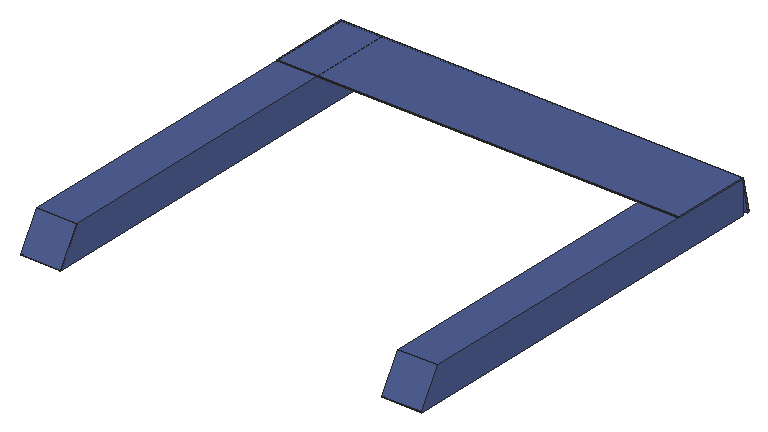
Revit family "SC442", category Generic Models, Revit 2023
Family settings
  Can host rebar = No
  Round Connector Dimension = Use Diameter
  Part Type = Normal
  OmniClass Number = 23.50.70.11
  OmniClass Title = Dock Bumpers/Seals
  Work Plane-Based = Yes
  Always vertical = No
  Cut with Voids When Loaded = No
  Maintain Annotation Orientation = No
  Shared = No
  Room Calculation Point = No
Parameters
  offset [instance] = 0' - 10 3/4"
  Warranty Duration (Years) = 0
  Vertical Strip [instance] = no
  Unit Width [instance] = Clear Width + (Pad Face Width_Vertical * 2)  # 10' - 0"
  Unit Height [instance] = Clear Height + Drop  # 10' - 0"
  Unit Depth_Base [instance] = 0' - 10"
  Unit Depth = 0' - 10"
  URL = ""
  Taper Distance_Plan [instance] = 0' - 0"
  Strip Length [instance] = if(Full Height Strip, Clear Height - 0' 6", 2' 0")  # 2' - 0"
  Specification = ""
  SpecWizard = ""
  Send Message = ""
  Sales Information = "www.wayne-dalton.com"
  Revision = "R1_07-2011"
  Protective Flap Type [instance] = Seal Flaps : None
  Product Properties = ""
  Product Data = "www.wayne-dalton.com"
  Pad Face Width_Vertical = 1' - 0"
  Flap Length [instance] = Clear Height - 0' 6"  # 7' - 6"
  Drop = 2' - 0"
  Model = "As Specified"
  Material = Plastic - Vinyl - Blue
  Manufacturer Website = "www.wayne-dalton.com"
  Manufacturer Phone - Toll Free = "1-855-493-3667"
  Manufacturer Phone = ""
  Manufacturer Fax = ""
  Manufacturer Address = ""
  Manufacturer = ""
  Maintenance Schedule (Months) = 0
  Keynote = ""
  Installation-Fabrication = ""
  Installation Phase = ""
  Green Building-LEED = ""
  Galvanized Steel Canopy [instance] = no
  Full Height Strip [instance] = no
  Foam Pad Insert = no
  Expected Lifespan (Years) = 0
  Drawn By = ""
  Description = ""
  Default Elevation = 4' - 0"
  Copyright = ""
  Construction Details = "www.wayne-dalton.com"
  Clear Width [instance] = 8' - 0"
  Clear Height [instance] = 8' - 0"
  Assembly Code = ""
Reference planes (in)
  plane 1 "Center (Front/Back)": y = 0
  plane 2 "Bottom": z = 0
  plane 3 "Center (Left/Right)": x = 0
  plane 4 "Front": y = -60
  plane 5 "Back": y = 60
  plane 6 "Left": x = -60
  plane 7 "Right": x = 60
  plane 8 "Top": z = 10
  plane 9: x = -48
  plane 10: x = 48
  plane 11: y = 36
  plane 12: x = 48
  plane 13: x = -48
  plane 14: z = 10
  plane 15: y = -54
  plane 16: x = -54
  plane 17: x = 54
  plane 18: y = -9
Forms (in)
  Blend 1, solid, material "Plastic - Vinyl - Blue" <- "Material"
    base sketch origin (0, -54, 22.94543) x (0, 0, 1) y (-1, 0, 0)
      loop
        line (-22.94543, 48) -> (-12.94543, 48) -> (-12.94543, 60) -> (-22.94543, 60) -> (-22.94543, 48)
    top sketch origin (0, -54, 22.94543) x (0, 0, 1) y (-1, 0, 0)
      loop
        line (-22.94543, 48) -> (-12.94543, 48) -> (-12.94543, 60) -> (-22.94543, 60) -> (-22.94543, 48)
    from 0 to -114
  Blend 2, solid, material "Plastic - Vinyl - Blue" <- "Material"
    base sketch origin (0, -54, 22.94543) x (0, 0, 1) y (-1, 0, 0)
      loop
        line (-22.94543, -60) -> (-12.94543, -60) -> (-12.94543, -48) -> (-22.94543, -48) -> (-22.94543, -60)
    top sketch origin (0, -54, 22.94543) x (0, 0, 1) y (-1, 0, 0)
      loop
        line (-22.94543, -60) -> (-12.94543, -60) -> (-12.94543, -48) -> (-22.94543, -48) -> (-22.94543, -60)
    from 0 to -114
  Blend 3, solid, material "Plastic - Vinyl - Blue" <- "Material"
    base sketch origin (0, -54, 22.94543) x (0, 0, 1) y (-1, 0, 0)
      loop
        line (-22.94543, 60) -> (-22.94543, 48) -> (-12.94543, 48) -> (-12.94543, 60) -> (-22.94543, 60)
    top sketch origin (0, -54, 22.94543) x (0, 0, 1) y (-1, 0, 0)
      loop
        line (-22.94543, 60) -> (-22.94543, 48) -> (-22.88293, 48) -> (-22.88293, 60) -> (-22.94543, 60)
    from 0 to 6
  Blend 4, solid, material "Plastic - Vinyl - Blue" <- "Material"
    base sketch origin (0, -54, 22.94543) x (0, 0, 1) y (-1, 0, 0)
      loop
        line (-22.94543, -60) -> (-12.94543, -60) -> (-12.94543, -48) -> (-22.94543, -48) -> (-22.94543, -60)
    top sketch origin (0, -54, 22.94543) x (0, 0, 1) y (-1, 0, 0)
      loop
        line (-22.94543, -60) -> (-22.88293, -60) -> (-22.88293, -48) -> (-22.94543, -48) -> (-22.94543, -60)
    from 0 to 6
  Sweep 5, solid, material "Plastic - Vinyl - Super Seal - Yellow", visible <- "Vertical Strip"
    path origin (-54, 53.619, 48) x (0, 1, 0) y (0, 0, 1)
      loop
        line (-83.619, -38) -> (-107.619, -38)
    profile origin (-54, -42, 10) x (0, 0, -1) y (1, 0, 0)
      loop
        line (0, -2) -> (0, 2) -> (-0.0625, 2) -> (-0.0625, -2) -> (0, -2)
  Sweep 6, solid, material "Plastic - Vinyl - Super Seal - Yellow", visible <- "Vertical Strip"
    path origin (54, 53.619, 48) x (0, 1, 0) y (0, 0, 1)
      loop
        line (-83.619, -38) -> (-107.619, -38)
    profile origin (54, -42, 10) x (0, 0, -1) y (1, 0, 0)
      loop
        line (0, -2) -> (0, 2) -> (-0.06267, 2) -> (-0.06267, -2) -> (0, -2)
  Extrusion 7, solid, material "Metal - Steel - Super Seal - Galvanized", visible <- "Galvanized Steel Canopy"
    sketch origin (-60, 16.34522, 48) x (0, 1, 0) y (0, 0, 1)
      loop
        line (43.65478, -38) -> (43.65478, -48) -> (45.91525, -48) -> (43.86525, -37.75) -> (42.65478, -37.75) -> (42.65478, -38) -> (43.65478, -38)
    from 0 to 120
  Extrusion 8, solid, material "Plastic - Vinyl - Blue" <- "Material"
    sketch origin (-60, 16.34522, 48) x (0, 1, 0) y (0, 0, 1)
      loop
        line (43.76277, -37.86384) -> (19.65478, -37.86384) -> (19.65478, -48) -> (45.78777, -48) -> (43.76277, -37.86384)
    from 0 to -0.125
  Sweep 9, solid, material "Plastic - Vinyl - Blue" <- "Material"
    path in 3D
      loop
        line (-60.125, 36, 10.13616) -> (-60.125, 60.10799, 10.13616) -> (-60.125, 62.13299, 0)
    profile origin (-60.125, 48.05399, 10.13616) x (0, 0, -1) y (-1, 0, 0)
      loop
        line (0, 0) -> (0, -120.125) -> (0.125, -120.125) -> (0.125, 0) -> (0, 0)
Cuts and joins
  joined: Blend 2, Blend 4
  joined: Blend 1, Blend 3
  joined: Extrusion 8, Sweep 9
Lines and regions (in)
  reference lines
    curve 1: line (-54, 60, 10) -> (-54, -54, 10)
    curve 4: line (-54, 36, 10) -> (-70.25, 36, 10)
  sketch lines
    curve 2: line (-60.125, 36, 10.13616) -> (-60.125, 60.10799, 10.13616)
    curve 3: line (-60.125, 60.10799, 10.13616) -> (-60.125, 62.13299, 0)
Dimensions and locks (in)
  equal spacing: plane 6 "Left", plane 3 "Center (Left/Right)", plane 7 "Right"
  "Unit Width": plane 6 "Left" to plane 7 "Right"
  equal spacing: plane 5 "Back", plane 1 "Center (Front/Back)", plane 4 "Front"
  "Unit Height": plane 5 "Back" to plane 4 "Front"
  "Unit Depth": plane 8 "Top" to level
  equal spacing: plane 9, plane 3 "Center (Left/Right)", plane 10
  "Clear Width": plane 9 to plane 10
  "Clear Height": plane 11 to plane 4 "Front"
  "Taper Distance_Plan": plane 9 to plane 13
  "Taper Distance_Plan": plane 12 to plane 10
  "Unit Depth_Base": plane 14 to level
  locked: plane 4 "Front" to plane 15 at 6
  equal spacing: plane 10, plane 17, plane 7 "Right"
  equal spacing: plane 6 "Left", plane 16, plane 9
  "Strip Length": Sweep 5 sketch curve to Sweep 5 sketch curve
  equal spacing: plane 11, plane 18, plane 15
  "Strip Length": Sweep 6 sketch curve to Sweep 6 sketch curve
  locked: curve 1 to Extrusion 8 sketch curve at 0.13616
  "Drop": curve 1 to curve 4
  curve 1 to Sweep 5 sketch curve = 0' - 0"
  locked: curve 1 to Sweep 6 sketch curve
  aligned and locked: Blend 3 to plane 4 "Front"
  aligned and locked: Blend 4 to plane 4 "Front"
  aligned and locked: curve 1 to Sweep 5 sketch curve
  aligned and locked: curve 1 to Sweep 6 sketch curve
  aligned and locked: plane 17 to nested 2
  aligned and locked: plane 16 to nested 1
  aligned and locked: plane 5 "Back" to Blend 1
  aligned and locked: plane 5 "Back" to Blend 2
  aligned and locked: plane 7 "Right" to Extrusion 7
  aligned and locked: Sweep 9 sketch curve to plane 7 "Right"
Automatic sketch dimensions
  Blend 1 sketch curve to level = 0' - 0"  (x2)
  Blend 1 sketch curve to plane 6 "Left" = 0' - 0"  (x2)
  Blend 1 sketch curve to plane 14 = 0' - 0"
  Blend 1 sketch curve to plane 9 = 0' - 0"  (x2)
  Blend 1 sketch curve to plane 13 = 0' - 0"  (x2)
  Blend 1 sketch curve to plane 8 "Top" = 0' - 0"
  Blend 2 sketch curve to level = 0' - 0"  (x2)
  Blend 2 sketch curve to plane 10 = 0' - 0"  (x2)
  Blend 2 sketch curve to plane 14 = 0' - 0"
  Blend 2 sketch curve to plane 7 "Right" = 0' - 0"  (x2)
  Blend 2 sketch curve to plane 12 = 0' - 0"  (x2)
  Blend 2 sketch curve to plane 8 "Top" = 0' - 0"
  Blend 3 sketch curve to level = 0' - 0"  (x2)
  Blend 3 sketch curve to plane 9 = 0' - 0"
  Blend 3 sketch curve to plane 14 = 0' - 0"
  Blend 3 sketch curve to plane 13 = 0' - 0"  (x2)
  Blend 3 sketch curve to plane 6 "Left" = 0' - 0"  (x2)
  Blend 3 sketch curve to Blend 3 sketch curve = 0' - 0 1/16"
  Blend 4 sketch curve to level = 0' - 0"  (x2)
  Blend 4 sketch curve to plane 10 = 0' - 0"
  Blend 4 sketch curve to plane 14 = 0' - 0"
  Blend 4 sketch curve to plane 7 "Right" = 0' - 0"  (x2)
  Blend 4 sketch curve to plane 12 = 0' - 0"  (x2)
  level to Blend 4 sketch curve = 0' - 0 1/16"
  Sweep 5 sketch curve to profile plane = 0' - 0"
  Sweep 5 sketch curve to Sweep 5 sketch curve = 0' - 0 1/16"
  Sweep 5 sketch curve to plane 16 = 0' - 2"
  plane 16 to Sweep 5 sketch curve = 0' - 2"
  Sweep 6 sketch curve to profile plane = 0' - 0"
  Sweep 6 sketch curve to Sweep 6 sketch curve = 0' - 0.06267"
  Sweep 6 sketch curve to plane 17 = 0' - 2"
  plane 17 to Sweep 6 sketch curve = 0' - 2"
  curve 1 to plane 14 = 0' - 0"
  curve 1 to plane 15 = 0' - 0"
  curve 1 to plane 5 "Back" = 0' - 0"
  curve 1 to plane 8 "Top" = 0' - 0"
  Extrusion 8 sketch curve to level = 0' - 0"
  Extrusion 8 sketch curve to plane 11 = 0' - 0"
  plane 5 "Back" to Extrusion 8 sketch curve = 0' - 0.10799"
  plane 5 "Back" to Extrusion 8 sketch curve = 0' - 2.13299"
  Sweep 9 sketch curve to profile plane = 0' - 0"  (x2)
  Sweep 9 sketch curve to Sweep 9 sketch curve = 0' - 0 1/8"
  Extrusion 7 sketch curve to plane 8 "Top" = 0' - 0"
  Extrusion 7 sketch curve to level = 0' - 0"
  Extrusion 7 sketch curve to plane 5 "Back" = 0' - 0"
  plane 8 "Top" to Extrusion 7 sketch curve = 0' - 0 1/4"
  Extrusion 7 sketch curve to plane 5 "Back" = 0' - 1"
  plane 5 "Back" to Extrusion 7 sketch curve = 0' - 0.21047"
  plane 5 "Back" to Extrusion 7 sketch curve = 0' - 2.26047"
  curve 4 to curve 1 = 0' - 0"
  curve 4 to curve 1 = 1' - 4 1/4"
Nested families (in)
  nested 1: "Seal Flaps" at (-54, -9, 10), Material <- "Material", Unit Width <- "Pad Face Width_Vertical", Unit Height <- "Flap Length", type <- "Protective Flap Type", Striped <- "Vertical Strip", type "None"
    with offset 0' - 0", Unit Width 1' - 0", Unit Height 7' - 6", Striped no, Stripe Material Plastic - Vinyl - Super Seal - Yellow, Material Plastic - Vinyl - Blue, Flaps 6
  nested 2: "Seal Flaps" at (54, -9, 10), Material <- "Material", Unit Width <- "Pad Face Width_Vertical", Unit Height <- "Flap Length", type <- "Protective Flap Type", Striped <- "Vertical Strip", type "None"
    with offset 0' - 0", Unit Width 1' - 0", Unit Height 7' - 6", Striped no, Stripe Material Plastic - Vinyl - Super Seal - Yellow, Material Plastic - Vinyl - Blue, Flaps 6
Definition of nested family "Seal Flaps"
  Parameters
    offset [instance] = 0' - 0"
    Warranty Duration (Years) = 0
    Unit Width [instance] = 1' - 0"
    Unit Height [instance] = 6' - 0"
    Unit Depth = 0' - 4"
    URL = "http://www.supersealmfg.com/"
    Striped [instance] = yes
    Stripe Material [instance] = none
    Specification = ""
    SpecWizard = ""
    Send Message = "http://www.arcat.com/users.pl?action=UserEmail&company=Super-Seal%20Mfg.%20Ltd&coid=44693&rep=119&fax=905-850-4440 &mf="
    Sales Information = "http://www.supersealmfg.com/ContactUs.htm"
    Revision = "R1_07-2011"
    Product Properties = ""
    Product Data = "http://arcat.com/arcatcos/cos44/arc44693.html?isac=1&r=1"
    Model = "As Specified"
    Material [instance] = none
    Manufacturer Website = "http://www.supersealmfg.com/"
    Manufacturer Phone - Toll Free = "800-337-3239 "
    Manufacturer Phone = "800-337-3239 "
    Manufacturer Fax = "905-850-4440 "
    Manufacturer Address = "670 Rowntree Dairy Rd. Woodbridge , ON, Canada L4L-5T8"
    Manufacturer = "Super-Seal Mfg. Ltd"
    Maintenance Schedule (Months) = 0
    Keynote = ""
    Installation-Fabrication = ""
    Installation Phase = ""
    Green Building-LEED = ""
    Flaps Visible = no
    Flaps [instance] = (Unit Height - 0' 1") / Exposure  # 4
    Exposure = 1' - 4"
    Expected Lifespan (Years) = 0
    Drawn By = "Sumex Design, Inc. / Robert S. Weygant, CSI, CDT, SCIP"
    Description = "Super Seal"
    Default Elevation = 4' - 0"
    Copyright = "©Arcat Inc."
    Construction Details = "http://arcat.com/details/supersea/supersea.html?coid=44693"
    Assembly Code = ""
  Reference planes (in)
    plane 1 "Center (Front/Back)": y = 0
    plane 2 "Bottom": z = 0
    plane 3 "Center (Left/Right)": x = 0
    plane 4 "Front": y = -36
    plane 5 "Back": y = 36
    plane 6 "Left": x = -6
    plane 7 "Right": x = 6
    plane 8 "Top": z = 4
  Dimensions and locks (in)
    equal spacing: plane 6 "Left", plane 3 "Center (Left/Right)", plane 7 "Right"
    "Unit Width": plane 6 "Left" to plane 7 "Right"
    equal spacing: plane 5 "Back", plane 1 "Center (Front/Back)", plane 4 "Front"
    "Unit Height": plane 5 "Back" to plane 4 "Front"
    "Unit Depth": plane 8 "Top" to level
    equal spacing: group 1, group 2, group 3, group 4  (x2)
    equal spacing: group 4, group 3, group 2, group 1
    "Exposure": plane 5 "Back" to nested 2
    aligned and locked: plane 5 "Back" to nested 1
    aligned and locked: plane 3 "Center (Left/Right)" to nested 1
    aligned and locked: plane 3 "Center (Left/Right)" to nested 2
  Nested families (in)
    nested 1: "Seal Flap" at (0, 27, 0), Unit Width <- "Unit Width", Unit Height <- "Exposure", Material <- "Material", visible <- "Flaps Visible", Stripe <- "Striped", Stripe Material <- "Stripe Material", type "Seal Flap"
      with offset 0' - 0", Unit Width 1' - 0", Unit Height 1' - 4", Unit Depth 0' - 0 1/4", Stripe Material none, Stripe yes, Material none
    nested 2: "Seal Flap" at (0, 11, 0), Unit Width <- "Unit Width", Unit Height <- "Exposure", Material <- "Material", visible <- "Flaps Visible", Stripe <- "Striped", Stripe Material <- "Stripe Material", type "Seal Flap"
      with offset 0' - 0", Unit Width 1' - 0", Unit Height 1' - 4", Unit Depth 0' - 0 1/4", Stripe Material none, Stripe yes, Material none
    nested 3: "Seal Flap" at (0, -5, 0), Unit Width <- "Unit Width", Unit Height <- "Exposure", Material <- "Material", visible <- "Flaps Visible", Stripe <- "Striped", Stripe Material <- "Stripe Material", type "Seal Flap"
      with offset 0' - 0", Unit Width 1' - 0", Unit Height 1' - 4", Unit Depth 0' - 0 1/4", Stripe Material none, Stripe yes, Material none
    nested 4: "Seal Flap" at (0, -21, 0), Unit Width <- "Unit Width", Unit Height <- "Exposure", Material <- "Material", visible <- "Flaps Visible", Stripe <- "Striped", Stripe Material <- "Stripe Material", type "Seal Flap"
      with offset 0' - 0", Unit Width 1' - 0", Unit Height 1' - 4", Unit Depth 0' - 0 1/4", Stripe Material none, Stripe yes, Material none
  Definition of nested family "Seal Flap"
    Parameters
      offset [instance] = 0' - 0"
      Warranty Duration (Years) = 0
      Unit Width [instance] = 1' - 0"
      Unit Height [instance] = 0' - 4"
      Unit Depth [instance] = 0' - 0 1/4"  # constant formula
      URL = "http://www.supersealmfg.com/"
      Stripe Material [instance] = none
      Stripe [instance] = yes
      Specification = ""
      SpecWizard = ""
      Send Message = "http://www.arcat.com/users.pl?action=UserEmail&company=Super-Seal%20Mfg.%20Ltd&coid=44693&rep=119&fax=905-850-4440 &mf="
      Sales Information = "http://www.supersealmfg.com/ContactUs.htm"
      Revision = "R1_07-2011"
      Product Properties = ""
      Product Data = "http://arcat.com/arcatcos/cos44/arc44693.html?isac=1&r=1"
      Model = "As Specified"
      Material [instance] = none
      Manufacturer Website = "http://www.supersealmfg.com/"
      Manufacturer Phone - Toll Free = "800-337-3239 "
      Manufacturer Phone = "800-337-3239 "
      Manufacturer Fax = "905-850-4440 "
      Manufacturer Address = "670 Rowntree Dairy Rd. Woodbridge , ON, Canada L4L-5T8"
      Manufacturer = "Super-Seal Mfg. Ltd"
      Maintenance Schedule (Months) = 0
      Keynote = ""
      Installation-Fabrication = ""
      Installation Phase = ""
      Green Building-LEED = ""
      Expected Lifespan (Years) = 0
      Drawn By = "Sumex Design, Inc. / Robert S. Weygant, CSI, CDT, SCIP"
      Description = "Super Seal"
      Default Elevation = 0' - 0"
      Copyright = "©Arcat Inc."
      Construction Details = "http://arcat.com/details/supersea/supersea.html?coid=44693"
      Assembly Code = ""
    Reference planes (in)
      plane 1 "Center (Front/Back)": y = 0
      plane 2 "Bottom": z = 0
      plane 3 "Center (Left/Right)": x = 0
      plane 4 "Front": y = -2
      plane 5 "Back": y = 2
      plane 6 "Left": x = -6
      plane 7 "Right": x = 6
      plane 8 "Top": z = 0.25
    Forms (in)
      Sweep 1, solid, material <- "Material"
        path origin (0, 0, 0) x (0, 1, 0) y (0, 0, 1)
          loop
            line (-2, 0.25) -> (2, 0) -> (3, 0)
        profile origin (0, 0, 0.125) x (0, 0.062378, 0.998053) y (1, 0, 0)
          loop
            line (0, -6) -> (0.125, -6) -> (0.125, 6) -> (0, 6) -> (0, -6)
      Sweep 2, solid, material <- "Stripe Material", visible <- "Stripe"
        path origin (0, 0, 0) x (0, 1, 0) y (0, 0, 1)
          loop
            line (-2, 0.25) -> (2, 0) -> (3, 0)
        profile origin (0, 0, 0.125) x (0, 0.062378, 0.998053) y (1, 0, 0)
          loop
            line (0.1875, -2) -> (0.1875, 2) -> (0.125, 2) -> (0.125, -2) -> (0.1875, -2)
    Dimensions and locks (in)
      equal spacing: plane 6 "Left", plane 3 "Center (Left/Right)", plane 7 "Right"
      "Unit Width": plane 6 "Left" to plane 7 "Right"
      equal spacing: plane 5 "Back", plane 1 "Center (Front/Back)", plane 4 "Front"
      "Unit Height": plane 5 "Back" to plane 4 "Front"
      "Unit Depth": plane 8 "Top" to level
      aligned and locked: plane 7 "Right" to Sweep 1 sketch curve
      aligned and locked: Sweep 1 sketch curve to plane 6 "Left"
    Automatic sketch dimensions
      Sweep 1 sketch curve to plane 4 "Front" = 0' - 0"
      Sweep 1 sketch curve to level = 0' - 0"
      Sweep 1 sketch curve to plane 5 "Back" = 0' - 0"
      Sweep 1 sketch curve to plane 8 "Top" = 0' - 0"
      plane 5 "Back" to Sweep 1 sketch curve = 0' - 1"
      Sweep 1 sketch curve to profile plane = 0' - 0"
      Sweep 1 sketch curve to profile plane = 0' - 0 1/8"
      Sweep 2 sketch curve to plane 4 "Front" = 0' - 0"
      Sweep 2 sketch curve to level = 0' - 0"
      Sweep 2 sketch curve to plane 5 "Back" = 0' - 0"
      Sweep 2 sketch curve to plane 8 "Top" = 0' - 0"
      Sweep 2 sketch curve to Sweep 2 sketch curve = 0' - 1"
      Sweep 2 sketch curve to profile plane = 0' - 0 1/8"
      Sweep 2 sketch curve to Sweep 2 sketch curve = 0' - 0 1/16"
      Sweep 2 sketch curve to plane 3 "Center (Left/Right)" = 0' - 2"
      plane 3 "Center (Left/Right)" to Sweep 2 sketch curve = 0' - 2"
